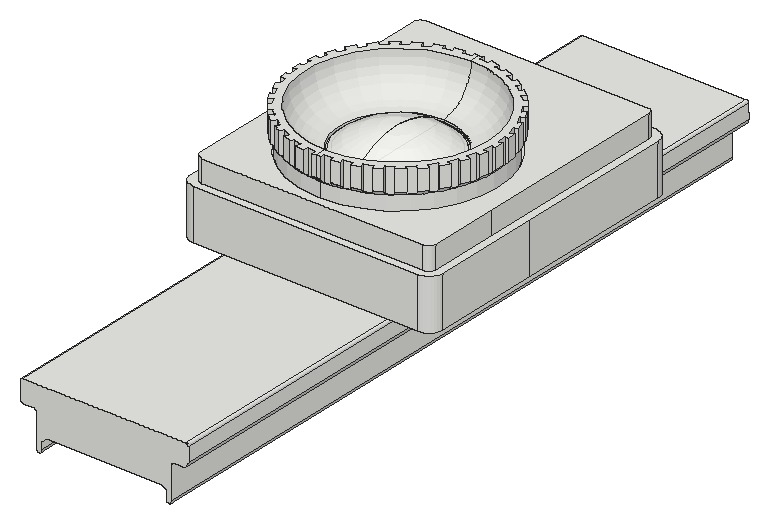
Revit family "Zumtobel TECTON 2 sensors and controls", category Lighting Devices, host Face, Revit 2023
Family settings
  Host = Face
  Round Connector Dimension = Use Diameter
  Part Type = Normal
  Cut with Voids When Loaded = No
  Maintain Annotation Orientation = No
  Shared = Yes
  Room Calculation Point = Yes
Parameters (values of type "basicDIM ILD G2 HC TEC2 WH")
  Visibility NOT HC = not(Visibility HC)  # no
  Visibility LC/MC = or([Is LC/MC Type], and(not(Is HC Type), not(Is Only Bluetooth)))  # no
  Visibility HC = and(not([Is LC/MC Type]), Is HC Type)  # yes
  Visibility B = and(not([Is LC/MC Type]), not(Is HC Type), Is Only Bluetooth)  # no
  Material Bluetooth = Zumtobel-Plastic-RAL 9005-Jet Black
  Is Only Bluetooth = no
  URL = "https://www.zumtobel.com/22172962"
  Type Image = ZS_TE2_F_MSENS_HC_WH.jpg
  Type IFC Predefined Type = "MOVEMENTSENSOR"
  Model = "22172962"
  Material Housing = Zumtobel-Plastic-RAL 9003-Signal White
  Material Body = Zumtobel-Plastic-RAL 9003-Signal White
  Manufacturer = "Zumtobel Lighting"  # constant formula
  Luminaire Width = 60 mm  # constant formula
  Luminaire Length = 250 mm  # constant formula
  Luminaire Height = 90 mm  # constant formula
  Lighting Trunking System Mark [instance] = ""
  Is LC/MC Type = no
  Is HC Type = yes
  Export Type to IFC As = "IfcSensorType"
  Description = "Lighting and occupancy sensors"  # constant formula
  Default Elevation = 0 mm  # constant formula
  Assembly Code = "Pr_75_75_27_23"
Types (9, lengths in mm): name | Visibility NOT HC | Visibility LC/MC | Visibility HC | Visibility B | Material Bluetooth | Is Only Bluetooth | URL | Type Image | Model | Material Housing | Is LC/MC Type | Is HC Type
  (no name) | no | no | yes | no | Zumtobel-Plastic-RAL 9005-Jet Black | no | "https://www.zumtobel.com/22172962" | ZS_TE2_F_MSENS_HC_WH.jpg | "22172962" | Zumtobel-Plastic-RAL 9003-Signal White | no | yes
  DIMLITE pro G2 TEC2 BK | yes | no | no | yes | Zumtobel-Plastic-RAL 9003-Signal White | yes | "https://www.zumtobel.com/22173121" | ZS_TE2_F_BC_Sensor_BK_1.jpg | "22173121" | Zumtobel-Plastic-RAL 9005-Jet Black | no | no
  DIMLITE pro G2 TEC2 WH | yes | no | no | yes | Zumtobel-Plastic-RAL 9005-Jet Black | yes | "https://www.zumtobel.com/22172963" | ZS_TE2_F_BC_Sensor_WH.jpg | "22172963" | Zumtobel-Plastic-RAL 9003-Signal White | no | no
  basicDIM ILD G2 HC TEC2 WH | no | no | yes | no | Zumtobel-Plastic-RAL 9005-Jet Black | no | "https://www.zumtobel.com/22172962" | ZS_TE2_F_MSENS_HC_WH.jpg | "22172962" | Zumtobel-Plastic-RAL 9003-Signal White | no | yes
  basicDIM ILD G2 LC TEC2 WH | yes | yes | no | no | Zumtobel-Plastic-RAL 9005-Jet Black | no | "https://www.zumtobel.com/22172966" | ZS_TEC_F_MSENS_LC_TEC-GP_WH.jpg | "22172966" | Zumtobel-Plastic-RAL 9003-Signal White | yes | no
  basicDIM ILD G2 MC TEC2 WH | yes | yes | no | no | Zumtobel-Plastic-RAL 9005-Jet Black | no | "https://www.zumtobel.com/22172961" | ZS_TEC_F_MSENS_LC_TEC-GP_WH.jpg | "22172961" | Zumtobel-Plastic-RAL 9003-Signal White | yes | no
  basicDIM ILD G2 HC TEC2 BK | no | no | yes | no | Zumtobel-Plastic-RAL 9003-Signal White | no | "https://www.zumtobel.com/22173112" | ZS_TE2_F_MSENS_HC_BK.jpg | "22173112" | Zumtobel-Plastic-RAL 9005-Jet Black | no | yes
  basicDIM ILD G2 LC TEC2 BK | yes | yes | no | no | Zumtobel-Plastic-RAL 9003-Signal White | no | "https://www.zumtobel.com/22173113" | ZS_TEC_F_MSENS_LC_TEC-GP_BK.jpg | "22173113" | Zumtobel-Plastic-RAL 9005-Jet Black | yes | no
  basicDIM ILD G2 MC TEC2 BK | yes | yes | no | no | Zumtobel-Plastic-RAL 9003-Signal White | no | "https://www.zumtobel.com/22173114" | ZS_TE2_F_MSENS_MC_BK_1.jpg | "22173114" | Zumtobel-Plastic-RAL 9005-Jet Black | yes | no
Reference planes
  plane 1 "Center (Front/Back)": y = 0
  plane 2: z = 0
  plane 3 "Center (Left/Right)": x = 0
  plane 4: z = 13.808
  plane 5: y = 125
  plane 6: y = -125
  plane 7: x = -30
  plane 8: x = 30
  plane 9 "Sensor Center": y = 6
Forms (mm)
  Extrusion 1, solid, material "Zumtobel-Plastic-RAL 9003-Signal White" <- "Material Housing"
    sketch origin (0, 0, 0) x (1, 0, 0) y (0, 0, 1)
      loop
        line (-20.587, -2.563) -> (0, -2.563) -> (20.587, -2.563) -> (22.156, -3.86) -> (22.156, -6.678)
        arc (22.156, -6.678) -> (23.178, -7.7) -> (24.2, -6.678) r 1.022
        line (24.2, -6.678) -> (24.2, 5.214)
        arc (24.2, 5.214) -> (24.378, 5.644) -> (24.808, 5.822) r 0.608
        line (24.808, 5.822) -> (28.1, 5.822)
        arc (28.1, 5.822) -> (29.444, 6.378) -> (30, 7.722) r 1.9
        line (30, 7.722) -> (30, 12.808)
        arc (30, 12.808) -> (29.707, 13.515) -> (29, 13.808) r 1
        line (29, 13.808) -> (-29, 13.808)
        arc (-29, 13.808) -> (-29.707, 13.515) -> (-30, 12.808) r 1
        line (-30, 12.808) -> (-30, 7.722)
        arc (-30, 7.722) -> (-29.444, 6.378) -> (-28.1, 5.822) r 1.9
        line (-28.1, 5.822) -> (-24.808, 5.822)
        arc (-24.808, 5.822) -> (-24.378, 5.644) -> (-24.2, 5.214) r 0.608
        line (-24.2, 5.214) -> (-24.2, -6.678)
        arc (-24.2, -6.678) -> (-23.178, -7.7) -> (-22.156, -6.678) r 1.022
        line (-22.156, -6.678) -> (-22.156, -3.86) -> (-20.587, -2.563)
    from -125 to 125
  Extrusion 2, solid, material "Zumtobel-Plastic-RAL 9003-Signal White" <- "Material Body", visible <- "Visibility HC"
    sketch origin (0, 12.25, 0) x (1, 0, 0) y (0, 1, 0)
      loop
        arc (40, -47.25) -> (43.536, -45.786) -> (45, -42.25) r 5
        line (45, -42.25) -> (45, -3.769) -> (45, 53.75)
        arc (45, 53.75) -> (43.536, 57.286) -> (40, 58.75) r 5
        line (40, 58.75) -> (-40, 58.75)
        arc (-40, 58.75) -> (-43.536, 57.286) -> (-45, 53.75) r 5
        line (-45, 53.75) -> (-45, -6.406) -> (-45, -42.25)
        arc (-45, -42.25) -> (-43.536, -45.786) -> (-40, -47.25) r 5
        line (-40, -47.25) -> (40, -47.25)
    from 13.808 to 31.808
  Extrusion 3, solid, material "Zumtobel-Plastic-RAL 9003-Signal White" <- "Material Body", visible <- "Visibility HC"
    sketch origin (0, 12.25, 0) x (1, 0, 0) y (0, 1, 0)
      loop
        line (-42, 53.25) -> (-42, -10.679) -> (-42, -41.75)
        arc (-42, -41.75) -> (-41.268, -43.518) -> (-39.5, -44.25) r 2.5
        line (-39.5, -44.25) -> (39.5, -44.25)
        arc (39.5, -44.25) -> (41.268, -43.518) -> (42, -41.75) r 2.5
        line (42, -41.75) -> (42, -17.113) -> (42, 53.25)
        arc (42, 53.25) -> (41.268, 55.018) -> (39.5, 55.75) r 2.5
        line (39.5, 55.75) -> (-39.5, 55.75)
        arc (-39.5, 55.75) -> (-41.268, 55.018) -> (-42, 53.25) r 2.5
    from 31.808 to 39.8
  Revolve 4, solid, material "Zumtobel-Plastic-RAL 9003-Signal White" <- "Material Body", visible <- "Visibility HC"
    sketch origin (0, 12.25, -4) x (0, 1, 0) y (0, 0, 1)
      loop
        line (-6.25, 41.8) -> (-6.25, 44.31) -> (-26.05, 44.31)
        arc (-26.05, 44.31) -> (-35.356, 48.367) -> (-38.715, 57.947) r 12.7
        line (-38.715, 57.947) -> (-42.573, 57.947) -> (-42.573, 50.592) -> (-40.781, 48.8) -> (-40.781, 41.8) -> (-6.25, 41.8)
      axis (-6.25, 57.947) -> (-6.25, 41.8)
    angle from 0 to 360
  Revolve 5, solid, material "Zumtobel-Plastic-Translucent-White", visible <- "Visibility HC"
    sketch origin (0, 12.25, 0) x (0, 1, 0) y (0, 0, 1)
      loop
        arc (-6.25, 47.701) -> (-16.871, 45.512) -> (-26.09, 39.8) r 31.014
        line (-26.09, 39.8) -> (-6.25, 39.8) -> (-6.25, 47.701)
      axis (-6.25, 47.701) -> (-6.25, 39.8)
    angle from 0 to 360
  Revolve 6, void
    sketch origin (0, 12.25, 0) x (0, 1, 0) y (0, 0, 1)
      loop
        line (-26.722, 42.012) -> (-26.722, 39.578) -> (-23.873, 39.578) -> (-26.722, 42.012)
      axis (-6.25, 42.012) -> (-6.25, 39.578)
    angle from 0 to 360
  Extrusion 7, void
    sketch origin (0, 12.25, 0) x (1, 0, 0) y (0, 1, 0)
      loop
        line (1.519, 28.54) -> (1.672, 32.037)
        arc (1.672, 32.037) -> (0.836, 32.064) -> (0, 32.073) r 38.323
        arc (0, 32.073) -> (-0.836, 32.064) -> (-1.672, 32.037) r 38.323
        line (-1.672, 32.037) -> (-1.519, 28.54)
        arc (-1.519, 28.54) -> (-3.035, 28.441) -> (-4.545, 28.275) r 34.823
        line (-4.545, 28.275) -> (-5.002, 31.745)
        arc (-5.002, 31.745) -> (-6.655, 31.491) -> (-8.295, 31.165) r 38.323
        line (-8.295, 31.165) -> (-7.537, 27.748)
        arc (-7.537, 27.748) -> (-9.013, 27.387) -> (-10.472, 26.961) r 34.823
        line (-10.472, 26.961) -> (-11.524, 30.299)
        arc (-11.524, 30.299) -> (-13.107, 29.762) -> (-14.666, 29.156) r 38.323
        line (-14.666, 29.156) -> (-13.326, 25.922)
        arc (-13.326, 25.922) -> (-14.717, 25.31) -> (-16.08, 24.638) r 34.823
        line (-16.08, 24.638) -> (-17.696, 27.743)
        arc (-17.696, 27.743) -> (-19.162, 26.939) -> (-20.591, 26.071) r 38.323
        line (-20.591, 26.071) -> (-18.71, 23.119)
        arc (-18.71, 23.119) -> (-19.974, 22.275) -> (-21.199, 21.377) r 34.823
        line (-21.199, 21.377) -> (-23.33, 24.154)
        arc (-23.33, 24.154) -> (-24.634, 23.107) -> (-25.891, 22.005) r 38.323
        line (-25.891, 22.005) -> (-23.526, 19.424)
        arc (-23.526, 19.424) -> (-24.624, 18.374) -> (-25.674, 17.276) r 34.823
        line (-25.674, 17.276) -> (-28.255, 19.641)
        arc (-28.255, 19.641) -> (-29.357, 18.384) -> (-30.404, 17.08) r 38.323
        line (-30.404, 17.08) -> (-27.627, 14.949)
        arc (-27.627, 14.949) -> (-28.525, 13.724) -> (-29.369, 12.46) r 34.823
        line (-29.369, 12.46) -> (-32.321, 14.341)
        arc (-32.321, 14.341) -> (-33.189, 12.912) -> (-33.993, 11.446) r 38.323
        line (-33.993, 11.446) -> (-30.888, 9.83)
        arc (-30.888, 9.83) -> (-31.56, 8.467) -> (-32.172, 7.076) r 34.823
        line (-32.172, 7.076) -> (-35.406, 8.416)
        arc (-35.406, 8.416) -> (-36.012, 6.857) -> (-36.549, 5.274) r 38.323
        line (-36.549, 5.274) -> (-33.211, 4.222)
        arc (-33.211, 4.222) -> (-33.637, 2.763) -> (-33.998, 1.287) r 34.823
        line (-33.998, 1.287) -> (-37.415, 2.045)
        arc (-37.415, 2.045) -> (-37.741, 0.405) -> (-37.995, -1.248) r 38.323
        line (-37.995, -1.248) -> (-34.525, -1.705)
        arc (-34.525, -1.705) -> (-34.691, -3.215) -> (-34.79, -4.731) r 34.823
        line (-34.79, -4.731) -> (-38.287, -4.578)
        arc (-38.287, -4.578) -> (-38.314, -5.414) -> (-38.323, -6.25) r 38.323
        arc (-38.323, -6.25) -> (-38.314, -7.086) -> (-38.287, -7.922) r 38.323
        line (-38.287, -7.922) -> (-34.79, -7.769)
        arc (-34.79, -7.769) -> (-34.691, -9.285) -> (-34.525, -10.795) r 34.823
        line (-34.525, -10.795) -> (-37.995, -11.252)
        arc (-37.995, -11.252) -> (-37.741, -12.905) -> (-37.415, -14.545) r 38.323
        line (-37.415, -14.545) -> (-33.998, -13.787)
        arc (-33.998, -13.787) -> (-33.637, -15.263) -> (-33.211, -16.722) r 34.823
        line (-33.211, -16.722) -> (-36.549, -17.774)
        arc (-36.549, -17.774) -> (-36.012, -19.357) -> (-35.406, -20.916) r 38.323
        line (-35.406, -20.916) -> (-32.172, -19.576)
        arc (-32.172, -19.576) -> (-31.56, -20.967) -> (-30.888, -22.33) r 34.823
        line (-30.888, -22.33) -> (-33.993, -23.946)
        arc (-33.993, -23.946) -> (-33.189, -25.412) -> (-32.321, -26.841) r 38.323
        line (-32.321, -26.841) -> (-29.369, -24.96)
        arc (-29.369, -24.96) -> (-28.525, -26.224) -> (-27.627, -27.449) r 34.823
        line (-27.627, -27.449) -> (-30.404, -29.58)
        arc (-30.404, -29.58) -> (-29.357, -30.884) -> (-28.255, -32.141) r 38.323
        line (-28.255, -32.141) -> (-25.674, -29.776)
        arc (-25.674, -29.776) -> (-24.624, -30.874) -> (-23.526, -31.924) r 34.823
        line (-23.526, -31.924) -> (-25.891, -34.505)
        arc (-25.891, -34.505) -> (-24.634, -35.607) -> (-23.33, -36.654) r 38.323
        line (-23.33, -36.654) -> (-21.199, -33.877)
        arc (-21.199, -33.877) -> (-19.974, -34.775) -> (-18.71, -35.619) r 34.823
        line (-18.71, -35.619) -> (-20.591, -38.571)
        arc (-20.591, -38.571) -> (-19.162, -39.439) -> (-17.696, -40.243) r 38.323
        line (-17.696, -40.243) -> (-16.08, -37.138)
        arc (-16.08, -37.138) -> (-14.717, -37.81) -> (-13.326, -38.422) r 34.823
        line (-13.326, -38.422) -> (-14.666, -41.656)
        arc (-14.666, -41.656) -> (-13.107, -42.262) -> (-11.524, -42.799) r 38.323
        line (-11.524, -42.799) -> (-10.472, -39.461)
        arc (-10.472, -39.461) -> (-9.013, -39.887) -> (-7.537, -40.248) r 34.823
        line (-7.537, -40.248) -> (-8.295, -43.665)
        arc (-8.295, -43.665) -> (-6.655, -43.991) -> (-5.002, -44.245) r 38.323
        line (-5.002, -44.245) -> (-4.545, -40.775)
        arc (-4.545, -40.775) -> (-3.035, -40.941) -> (-1.519, -41.04) r 34.823
        line (-1.519, -41.04) -> (-1.672, -44.537)
        arc (-1.672, -44.537) -> (-0.836, -44.564) -> (0, -44.573) r 38.323
        arc (0, -44.573) -> (0.836, -44.564) -> (1.672, -44.537) r 38.323
        line (1.672, -44.537) -> (1.519, -41.04)
        arc (1.519, -41.04) -> (3.035, -40.941) -> (4.545, -40.775) r 34.823
        line (4.545, -40.775) -> (5.002, -44.245)
        arc (5.002, -44.245) -> (6.655, -43.991) -> (8.295, -43.665) r 38.323
        line (8.295, -43.665) -> (7.537, -40.248)
        arc (7.537, -40.248) -> (9.013, -39.887) -> (10.472, -39.461) r 34.823
        line (10.472, -39.461) -> (11.524, -42.799)
        arc (11.524, -42.799) -> (13.107, -42.262) -> (14.666, -41.656) r 38.323
        line (14.666, -41.656) -> (13.326, -38.422)
        arc (13.326, -38.422) -> (14.717, -37.81) -> (16.08, -37.138) r 34.823
        line (16.08, -37.138) -> (17.696, -40.243)
        arc (17.696, -40.243) -> (19.162, -39.439) -> (20.591, -38.571) r 38.323
        line (20.591, -38.571) -> (18.71, -35.619)
        arc (18.71, -35.619) -> (19.974, -34.775) -> (21.199, -33.877) r 34.823
        line (21.199, -33.877) -> (23.33, -36.654)
        arc (23.33, -36.654) -> (24.634, -35.607) -> (25.891, -34.505) r 38.323
        line (25.891, -34.505) -> (23.526, -31.924)
        arc (23.526, -31.924) -> (24.624, -30.874) -> (25.674, -29.776) r 34.823
        line (25.674, -29.776) -> (28.255, -32.141)
        arc (28.255, -32.141) -> (29.357, -30.884) -> (30.404, -29.58) r 38.323
        line (30.404, -29.58) -> (27.627, -27.449)
        arc (27.627, -27.449) -> (28.525, -26.224) -> (29.369, -24.96) r 34.823
        line (29.369, -24.96) -> (32.321, -26.841)
        arc (32.321, -26.841) -> (33.189, -25.412) -> (33.993, -23.946) r 38.323
        line (33.993, -23.946) -> (30.888, -22.33)
        arc (30.888, -22.33) -> (31.56, -20.967) -> (32.172, -19.576) r 34.823
        line (32.172, -19.576) -> (35.406, -20.916)
        arc (35.406, -20.916) -> (36.012, -19.357) -> (36.549, -17.774) r 38.323
        line (36.549, -17.774) -> (33.211, -16.722)
        arc (33.211, -16.722) -> (33.637, -15.263) -> (33.998, -13.787) r 34.823
        line (33.998, -13.787) -> (37.415, -14.545)
        arc (37.415, -14.545) -> (37.741, -12.905) -> (37.995, -11.252) r 38.323
        line (37.995, -11.252) -> (34.525, -10.795)
        arc (34.525, -10.795) -> (34.691, -9.285) -> (34.79, -7.769) r 34.823
        line (34.79, -7.769) -> (38.287, -7.922)
        arc (38.287, -7.922) -> (38.314, -7.086) -> (38.323, -6.25) r 38.323
        arc (38.323, -6.25) -> (38.314, -5.414) -> (38.287, -4.578) r 38.323
        line (38.287, -4.578) -> (34.79, -4.731)
        arc (34.79, -4.731) -> (34.691, -3.215) -> (34.525, -1.705) r 34.823
        line (34.525, -1.705) -> (37.995, -1.248)
        arc (37.995, -1.248) -> (37.741, 0.405) -> (37.415, 2.045) r 38.323
        line (37.415, 2.045) -> (33.998, 1.287)
        arc (33.998, 1.287) -> (33.637, 2.763) -> (33.211, 4.222) r 34.823
        line (33.211, 4.222) -> (36.549, 5.274)
        arc (36.549, 5.274) -> (36.012, 6.857) -> (35.406, 8.416) r 38.323
        line (35.406, 8.416) -> (32.172, 7.076)
        arc (32.172, 7.076) -> (31.56, 8.467) -> (30.888, 9.83) r 34.823
        line (30.888, 9.83) -> (33.993, 11.446)
        arc (33.993, 11.446) -> (33.189, 12.912) -> (32.321, 14.341) r 38.323
        line (32.321, 14.341) -> (29.369, 12.46)
        arc (29.369, 12.46) -> (28.525, 13.724) -> (27.627, 14.949) r 34.823
        line (27.627, 14.949) -> (30.404, 17.08)
        arc (30.404, 17.08) -> (29.357, 18.384) -> (28.255, 19.641) r 38.323
        line (28.255, 19.641) -> (25.674, 17.276)
        arc (25.674, 17.276) -> (24.624, 18.374) -> (23.526, 19.424) r 34.823
        line (23.526, 19.424) -> (25.891, 22.005)
        arc (25.891, 22.005) -> (24.634, 23.107) -> (23.33, 24.154) r 38.323
        line (23.33, 24.154) -> (21.199, 21.377)
        arc (21.199, 21.377) -> (19.974, 22.275) -> (18.71, 23.119) r 34.823
        line (18.71, 23.119) -> (20.591, 26.071)
        arc (20.591, 26.071) -> (19.162, 26.939) -> (17.696, 27.743) r 38.323
        line (17.696, 27.743) -> (16.08, 24.638)
        arc (16.08, 24.638) -> (14.717, 25.31) -> (13.326, 25.922) r 34.823
        line (13.326, 25.922) -> (14.666, 29.156)
        arc (14.666, 29.156) -> (13.107, 29.762) -> (11.524, 30.299) r 38.323
        line (11.524, 30.299) -> (10.472, 26.961)
        arc (10.472, 26.961) -> (9.013, 27.387) -> (7.537, 27.748) r 34.823
        line (7.537, 27.748) -> (8.295, 31.165)
        arc (8.295, 31.165) -> (6.655, 31.491) -> (5.002, 31.745) r 38.323
        line (5.002, 31.745) -> (4.545, 28.275)
        arc (4.545, 28.275) -> (3.035, 28.441) -> (1.519, 28.54) r 34.823
      loop
        arc (-1.637, 36.184) -> (-42.459, -7.002) -> (-0.132, -48.715) r 42.465
        arc (-0.132, -48.715) -> (29.981, -36.324) -> (42.465, -6.25) r 42.465
        arc (42.465, -6.25) -> (29.443, 24.351) -> (-1.637, 36.184) r 42.465
    from 44.8 to 56.041
  Revolve 8, void
    sketch origin (0, 0, 0) x (0, 1, 0) y (0, 0, 1)
      loop
        line (-29.25, 37.8) -> (6.25, 37.8) -> (6.25, 40.943) -> (-29.25, 40.943) -> (-29.25, 37.8)
      axis (6.25, 37.8) -> (6.25, 40.943)
    angle from 0 to 360
  Extrusion 9, solid, material "Zumtobel-Plastic-RAL 9005-Jet Black" <- "Material Bluetooth", visible <- "Visibility B"
    sketch origin (0, -100, 0) x (1, 0, 0) y (0, 1, 0)
      loop
        spline (-15, 0) -> (-14.75, -2.419) -> (-14.29, -4.364) -> (-13.634, -5.905) -> (-12.796, -7.117) -> (-11.788, -8.072) -> (-10.625, -8.842) -> (-9.316, -9.491) -> (-7.85, -10.033) -> (-6.205, -10.463) -> (-4.362, -10.776) -> (-2.3, -10.968) -> (0, -11.033)
        spline (0, -11.033) -> (2.3, -10.968) -> (4.362, -10.776) -> (6.205, -10.463) -> (7.85, -10.033) -> (9.316, -9.491) -> (10.625, -8.842) -> (11.788, -8.072) -> (12.796, -7.117) -> (13.634, -5.905) -> (14.29, -4.364) -> (14.75, -2.419) -> (15, 0)
        spline (15, 0) -> (14.75, 2.419) -> (14.29, 4.364) -> (13.634, 5.905) -> (12.796, 7.117) -> (11.788, 8.072) -> (10.625, 8.842) -> (9.316, 9.491) -> (7.85, 10.033) -> (6.205, 10.463) -> (4.362, 10.776) -> (2.3, 10.968) -> (0, 11.033)
        spline (0, 11.033) -> (-2.3, 10.968) -> (-4.362, 10.776) -> (-6.205, 10.463) -> (-7.85, 10.033) -> (-9.316, 9.491) -> (-10.625, 8.842) -> (-11.788, 8.072) -> (-12.796, 7.117) -> (-13.634, 5.905) -> (-14.29, 4.364) -> (-14.75, 2.419) -> (-15, 0)
      loop
        line (0, -1.694) -> (5.115, -6.81) -> (12.946, 1.021) -> (2.715, 1.021) -> (6.929, 5.235) -> (5.347, 6.817) -> (0, 1.47) -> (-5.347, 6.817) -> (-6.929, 5.235) -> (-2.715, 1.021) -> (-12.946, 1.021) -> (-5.115, -6.81) -> (0, -1.694)
      loop
        line (-7.504, -1.213) -> (-5.093, -3.623) -> (-2.683, -1.213) -> (-7.504, -1.213)
      loop
        line (7.504, -1.213) -> (2.683, -1.213) -> (5.093, -3.623) -> (7.504, -1.213)
    from 14 to 13
  Revolve 10, solid, material "Zumtobel-Plastic-Translucent-White", visible <- "Visibility LC/MC"
    sketch origin (0, 0, 0) x (0, -1, 0) y (0, 0, -1)
      loop
        arc (-109.569, -14.593) -> (-105.496, -18.555) -> (-100, -20) r 11.171
        line (-100, -20) -> (-100, -14.593) -> (-109.569, -14.593)
      axis (-100, -14.593) -> (-100, -20)
    angle from 0 to 360
  Revolve 11, solid, material "Zumtobel-Plastic-RAL 9003-Signal White" <- "Material Housing", visible <- "Visibility LC/MC"
    sketch origin (0, 0, 0) x (0, -1, 0) y (0, 0, -1)
      loop
        arc (-116, -13.808) -> (-113.151, -17.104) -> (-109.579, -19.6) r 17.614
        line (-109.579, -19.6) -> (-107.762, -19.6)
        arc (-107.762, -19.6) -> (-110.552, -17.43) -> (-112.66, -14.593) r 13.093
        line (-112.66, -14.593) -> (-100, -14.593) -> (-100, -13.808) -> (-116, -13.808)
      axis (-100, -13.808) -> (-100, -19.6)
    angle from 0 to 360
Cuts and joins
  Revolve 6, Extrusion 7 cuts Revolve 4
  Revolve 8 cuts Extrusion 3
Lines and regions (mm)
  Filled region 1, type "White", visible <- "Visibility HC"
    outline origin (0, 0, 0) x (1, 0, 0) y (0, 1, 0)
      loop
        line (-30, 125) -> (-30, 71) -> (30, 71) -> (30, 125) -> (-30, 125)
      loop
        line (-30, -125) -> (30, -125) -> (30, -35) -> (-30, -35) -> (-30, -125)
  Masking region 1, visible <- "Visibility HC"
    outline origin (200, 0, 0) x (1, 0, 0) y (0, 1, 0)
      loop
        line (-245, 66) -> (-245, 5.844) -> (-245, -30)
        arc (-245, -30) -> (-243.536, -33.536) -> (-240, -35) r 5
        line (-240, -35) -> (-160, -35)
        arc (-160, -35) -> (-156.464, -33.536) -> (-155, -30) r 5
        line (-155, -30) -> (-155, 8.481) -> (-155, 66)
        arc (-155, 66) -> (-156.464, 69.536) -> (-160, 71) r 5
        line (-160, 71) -> (-240, 71)
        arc (-240, 71) -> (-243.536, 69.536) -> (-245, 66) r 5
  Filled region 2, type "White", visible <- "Visibility NOT HC"
    outline origin (0, 0, 0) x (1, 0, 0) y (0, 1, 0)
      loop
        line (-30, 125) -> (-30, -2.487) -> (-30, -125) -> (30, -125) -> (30, 8.485) -> (30, 125) -> (-30, 125)
  model lines, style "InvisibleLines"
    curve 1: line (-250, 125, 0) -> (250, 125, 0)
    curve 2: line (-250, -125, 0) -> (250, -125, 0)
    curve 3: line (0, 0, 0) -> (0, -300, 0)
    curve 4: line (0, -300, 0) -> (34.202, -206.031, 0)
    curve 5: line (0, -300, 0) -> (-34.202, -206.031, 0)
  model lines
    curve 6: line (-24.2, -125, 0) -> (24.2, -125, 0)
    curve 7: line (-24.2, 125, 0) -> (24.2, 125, 0)
  symbolic lines, visible <- "Visibility B"
    curve 8: line (15, -100, 0) -> (0, -88.967, 0)
    curve 9: line (0, -88.967, 0) -> (-15, -100, 0)
    curve 10: line (-15, -100, 0) -> (0, -111.033, 0)
    curve 11: line (0, -111.033, 0) -> (15, -100, 0)
  symbolic lines, visible <- "Visibility LC/MC"
    curve 12: arc (0, 116, 0) -> (16, 100, 0) -> (0, 84, 0) r 16
    curve 13: arc (0, 84, 0) -> (-16, 100, 0) -> (0, 116, 0) r 16
    curve 14: arc (0, 92.238, 0) -> (-7.762, 100, 0) -> (0, 107.762, 0) r 7.762
    curve 15: arc (0, 107.762, 0) -> (7.762, 100, 0) -> (0, 92.238, 0) r 7.762
  symbolic lines, visible <- "Visibility HC"
    curve 16: arc (0, -30.323, 0) -> (36.323, 6, 0) -> (0, 42.323, 0) r 36.323
    curve 17: arc (0, 42.323, 0) -> (-36.323, 6, 0) -> (0, -30.323, 0) r 36.323
    curve 18: arc (0, -14.472, 0) -> (-20.472, 6, 0) -> (0, 26.472, 0) r 20.472
    curve 19: arc (0, 26.472, 0) -> (20.472, 6, 0) -> (0, -14.472, 0) r 20.472
Dimensions and locks
  locked: plane 4 to host face at 13.808
  equal spacing: plane 6, plane 1 "Center (Front/Back)", plane 5
  "Luminaire Length": plane 6 to plane 5
  equal spacing: plane 7, plane 3 "Center (Left/Right)", plane 8
  plane 7 to plane 8 = 60 mm
  plane 5 to plane 6 = 250 mm
  aligned and locked: plane 2 to host face
  aligned and locked: level to host face
  aligned and locked: plane 6 to curve 2
  aligned and locked: curve 1 to plane 5
  aligned and locked: Revolve 10 sketch curve to Revolve 11
Automatic sketch dimensions
  host sketch curve to host sketch curve = 2438.4 mm  (x2)
  curve 1 to plane 7 = 220 mm
  curve 2 to plane 7 = 220 mm
  curve 2 to plane 8 = 220 mm
  curve 1 to plane 8 = 220 mm
  plane 1 "Center (Front/Back)" to curve 3 = 0 mm
  curve 3 to plane 3 "Center (Left/Right)" = 0 mm
  plane 6 to curve 3 = 175 mm
  curve 5 to plane 7 = 4.202 mm
  curve 4 to plane 8 = 4.202 mm
  plane 6 to curve 5 = 81.031 mm
  curve 5 to curve 4 = 0 mm
  curve 6 to level = 0 mm
  curve 6 to plane 8 = 5.8 mm
  curve 6 to plane 7 = 5.8 mm
  curve 7 to level = 0 mm
  plane 8 to curve 7 = 5.8 mm
  plane 7 to curve 7 = 5.8 mm
  Extrusion 1 sketch curve to plane 7 = 0 mm
  Extrusion 1 sketch curve to plane 4 = 0 mm
  Extrusion 1 sketch curve to plane 3 "Center (Left/Right)" = 0 mm
  plane 8 to Extrusion 1 sketch curve = 0 mm
  Extrusion 1 sketch curve to Extrusion 1 sketch curve = 1 mm  (x2)
  Extrusion 1 sketch curve to Extrusion 1 sketch curve = 1.9 mm  (x2)
  Extrusion 1 sketch curve to Extrusion 1 sketch curve = 3.292 mm
  Extrusion 1 sketch curve to Extrusion 1 sketch curve = 0.608 mm  (x2)
  Extrusion 1 sketch curve to Extrusion 1 sketch curve = 1.022 mm  (x2)
  Extrusion 1 sketch curve to Extrusion 1 sketch curve = 1.569 mm  (x2)
  Extrusion 1 sketch curve to level = 2.563 mm
  plane 8 to Extrusion 1 sketch curve = 9.413 mm
  Extrusion 1 sketch curve to Extrusion 1 sketch curve = 1.297 mm  (x2)
  Extrusion 1 sketch curve to Extrusion 1 sketch curve = 2.819 mm  (x2)
  Extrusion 1 sketch curve to Extrusion 1 sketch curve = 0 mm
  level to Extrusion 1 sketch curve = 5.214 mm  (x2)
  Extrusion 2 sketch curve to plane 7 = 15 mm
  Extrusion 2 sketch curve to Extrusion 2 sketch curve = 5 mm  (x2)
  Extrusion 2 sketch curve to plane 8 = 10 mm  (x2)
  Extrusion 2 sketch curve to plane 8 = 15 mm
  plane 1 "Center (Front/Back)" to Extrusion 2 sketch curve = 30 mm
  Extrusion 2 sketch curve to Extrusion 2 sketch curve = 57.519 mm
  Extrusion 3 sketch curve to plane 7 = 12 mm
  Extrusion 3 sketch curve to Extrusion 3 sketch curve = 2.5 mm  (x2)
  Extrusion 3 sketch curve to plane 8 = 9.5 mm  (x2)
  plane 1 "Center (Front/Back)" to Extrusion 3 sketch curve = 4.863 mm
  Extrusion 3 sketch curve to plane 8 = 12 mm
  Extrusion 3 sketch curve to Extrusion 3 sketch curve = 24.637 mm
  Extrusion 3 sketch curve to plane 1 "Center (Front/Back)" = 1.571 mm
  Revolve 4 sketch curve to plane 9 "Sensor Center" = 0 mm  (x2)
  plane 1 "Center (Front/Back)" to Revolve 4 sketch curve = 13.8 mm
  Revolve 4 sketch curve to Revolve 4 sketch curve = 12.665 mm
  Revolve 4 sketch curve to Revolve 4 sketch curve = 14.731 mm
  Revolve 4 sketch curve to Revolve 4 sketch curve = 3.858 mm
  Revolve 4 sketch curve to plane 4 = 23.992 mm
  Revolve 4 sketch curve to Revolve 4 sketch curve = 2.51 mm
  Revolve 4 sketch curve to Revolve 4 sketch curve = 7 mm
  Revolve 4 sketch curve to Revolve 4 sketch curve = 1.792 mm
  Revolve 4 sketch curve to Revolve 4 sketch curve = 12.7 mm
  Revolve 4 sketch curve to plane 4 = 1.048 mm
  Revolve 4 sketch curve to Revolve 4 sketch curve = 30.021 mm
  plane 1 "Center (Front/Back)" to Revolve 5 sketch curve = 13.84 mm
  Revolve 5 sketch curve to plane 4 = 2.891 mm
  Revolve 5 sketch curve to plane 4 = 25.992 mm
  Revolve 5 sketch curve to Revolve 5 sketch curve = 0 mm  (x2)
  Revolve 5 sketch curve to Revolve 5 sketch curve = 0.522 mm
  plane 1 "Center (Front/Back)" to Revolve 6 sketch curve = 14.472 mm
  Revolve 6 sketch curve to Revolve 6 sketch curve = 2.849 mm
  Revolve 6 sketch curve to plane 4 = 25.77 mm
  Revolve 6 sketch curve to Revolve 6 sketch curve = 2.434 mm
  Revolve 6 sketch curve to Revolve 6 sketch curve = 1.388 mm
  Revolve 6 sketch curve to Revolve 6 sketch curve = 6.071 mm
  Extrusion 7 sketch curve to Extrusion 7 sketch curve = 0 mm  (x3233)
  Extrusion 7 sketch curve to plane 3 "Center (Left/Right)" = 0 mm
  Extrusion 7 sketch curve to plane 3 "Center (Left/Right)" = 1.519 mm  (x2)
  Extrusion 7 sketch curve to plane 3 "Center (Left/Right)" = 1.672 mm  (x2)
  Extrusion 7 sketch curve to Extrusion 7 sketch curve = 3.026 mm  (x4)
  Extrusion 7 sketch curve to Extrusion 7 sketch curve = 3.331 mm  (x6)
  Extrusion 7 sketch curve to Extrusion 7 sketch curve = 2.992 mm  (x6)
  Extrusion 7 sketch curve to Extrusion 7 sketch curve = 3.292 mm  (x4)
  Extrusion 7 sketch curve to Extrusion 7 sketch curve = 2.934 mm  (x4)
  Extrusion 7 sketch curve to Extrusion 7 sketch curve = 3.229 mm  (x8)
  Extrusion 7 sketch curve to Extrusion 7 sketch curve = 2.855 mm  (x8)
  Extrusion 7 sketch curve to Extrusion 7 sketch curve = 3.142 mm  (x4)
  Extrusion 7 sketch curve to Extrusion 7 sketch curve = 2.753 mm  (x4)
  Extrusion 7 sketch curve to Extrusion 7 sketch curve = 3.03 mm  (x8)
  Extrusion 7 sketch curve to Extrusion 7 sketch curve = 2.631 mm  (x8)
  Extrusion 7 sketch curve to Extrusion 7 sketch curve = 2.895 mm  (x4)
  Extrusion 7 sketch curve to Extrusion 7 sketch curve = 2.489 mm  (x4)
  Extrusion 7 sketch curve to Extrusion 7 sketch curve = 2.739 mm  (x8)
  Extrusion 7 sketch curve to Extrusion 7 sketch curve = 2.327 mm  (x8)
  Extrusion 7 sketch curve to Extrusion 7 sketch curve = 2.148 mm  (x4)
  Extrusion 7 sketch curve to Extrusion 7 sketch curve = 2.561 mm  (x4)
  plane 7 to Extrusion 7 sketch curve = 2.373 mm  (x2)
  plane 7 to Extrusion 7 sketch curve = 1.745 mm  (x2)
  plane 7 to Extrusion 7 sketch curve = 0.631 mm  (x2)
  Extrusion 7 sketch curve to plane 7 = 0.404 mm  (x2)
  Extrusion 7 sketch curve to plane 7 = 0.888 mm  (x2)
  Extrusion 7 sketch curve to plane 7 = 2.172 mm  (x2)
  Extrusion 7 sketch curve to plane 7 = 2.321 mm  (x2)
  Extrusion 7 sketch curve to Extrusion 7 sketch curve = 1.039 mm  (x8)
  Extrusion 7 sketch curve to Extrusion 7 sketch curve = 1.672 mm  (x4)
  Extrusion 7 sketch curve to Extrusion 7 sketch curve = 0.786 mm  (x4)
  plane 1 "Center (Front/Back)" to Extrusion 7 sketch curve = 1.537 mm  (x2)
  Extrusion 7 sketch curve to plane 1 "Center (Front/Back)" = 1.455 mm  (x2)
  Extrusion 7 sketch curve to Extrusion 7 sketch curve = 0.528 mm  (x8)
  Extrusion 7 sketch curve to Extrusion 7 sketch curve = 0.265 mm  (x2)
  Extrusion 7 sketch curve to Extrusion 7 sketch curve = 1.413 mm  (x8)
  Extrusion 7 sketch curve to Extrusion 7 sketch curve = 1.143 mm  (x4)
  plane 1 "Center (Front/Back)" to Extrusion 7 sketch curve = 2.295 mm  (x2)
  Extrusion 7 sketch curve to Extrusion 7 sketch curve = 0.865 mm  (x8)
  Extrusion 7 sketch curve to plane 1 "Center (Front/Back)" = 0.998 mm  (x2)
  Extrusion 7 sketch curve to Extrusion 7 sketch curve = 0.581 mm  (x2)
  Extrusion 7 sketch curve to Extrusion 7 sketch curve = 0.291 mm  (x4)
  plane 3 "Center (Left/Right)" to Extrusion 7 sketch curve = 1.519 mm  (x2)
  plane 3 "Center (Left/Right)" to Extrusion 7 sketch curve = 1.672 mm  (x2)
  plane 8 to Extrusion 7 sketch curve = 2.373 mm  (x2)
  plane 8 to Extrusion 7 sketch curve = 1.745 mm  (x2)
  plane 8 to Extrusion 7 sketch curve = 0.631 mm  (x2)
  Extrusion 7 sketch curve to plane 8 = 0.404 mm  (x2)
  Extrusion 7 sketch curve to plane 8 = 0.888 mm  (x2)
  Extrusion 7 sketch curve to plane 8 = 2.172 mm  (x2)
  Extrusion 7 sketch curve to plane 8 = 2.321 mm  (x2)
  Extrusion 7 sketch curve to Extrusion 7 sketch curve = 1.953 mm  (x4)
  Extrusion 7 sketch curve to Extrusion 7 sketch curve = 2.364 mm  (x4)
  Extrusion 7 sketch curve to Extrusion 7 sketch curve = 1.519 mm  (x4)
  Extrusion 7 sketch curve to Extrusion 7 sketch curve = 1.918 mm  (x4)
  Extrusion 7 sketch curve to plane 3 "Center (Left/Right)" = 0.132 mm
  Extrusion 7 sketch curve to plane 3 "Center (Left/Right)" = 1.637 mm
  Extrusion 7 sketch curve to Extrusion 7 sketch curve = 4.142 mm
  Revolve 8 sketch curve to plane 4 = 23.992 mm
  plane 1 "Center (Front/Back)" to Revolve 8 sketch curve = 29.25 mm
  Revolve 8 sketch curve to Revolve 8 sketch curve = 3.143 mm
  Extrusion 9 sketch curve to plane 3 "Center (Left/Right)" = 0 mm  (x4)
  Extrusion 9 sketch curve to plane 3 "Center (Left/Right)" = 2.683 mm
  Extrusion 9 sketch curve to Extrusion 9 sketch curve = 0.032 mm  (x2)
  Extrusion 9 sketch curve to Extrusion 9 sketch curve = 2.41 mm  (x4)
  Extrusion 9 sketch curve to Extrusion 9 sketch curve = 0.022 mm  (x2)
  Extrusion 9 sketch curve to plane 3 "Center (Left/Right)" = 5.347 mm
  Extrusion 9 sketch curve to Extrusion 9 sketch curve = 1.582 mm  (x2)
  Extrusion 9 sketch curve to Extrusion 9 sketch curve = 5.443 mm  (x2)
  Extrusion 9 sketch curve to Extrusion 9 sketch curve = 2.054 mm  (x2)
  plane 3 "Center (Left/Right)" to Extrusion 9 sketch curve = 2.683 mm
  plane 3 "Center (Left/Right)" to Extrusion 9 sketch curve = 5.347 mm
  Extrusion 9 sketch curve to plane 6 = 13.967 mm
  Extrusion 9 sketch curve to Extrusion 9 sketch curve = 4.223 mm  (x2)
  Extrusion 9 sketch curve to Extrusion 9 sketch curve = 3.186 mm  (x2)
  Extrusion 9 sketch curve to Extrusion 9 sketch curve = 1.021 mm  (x2)
  Extrusion 9 sketch curve to Extrusion 9 sketch curve = 4.216 mm
  Revolve 10 sketch curve to plane 5 = 15.431 mm
  Revolve 10 sketch curve to Revolve 10 sketch curve = 9.569 mm
  Revolve 10 sketch curve to Revolve 10 sketch curve = 5.407 mm
  Revolve 10 sketch curve to Revolve 10 sketch curve = 0 mm
  Revolve 10 sketch curve to Revolve 10 sketch curve = 13.808 mm
  Revolve 10 sketch curve to level = 2.563 mm
  plane 4 to Revolve 11 sketch curve = 0 mm  (x2)
  Revolve 11 sketch curve to plane 5 = 9 mm
  Revolve 11 sketch curve to plane 4 = 0.785 mm
  Revolve 11 sketch curve to Revolve 11 sketch curve = 3.34 mm
  Revolve 11 sketch curve to Revolve 11 sketch curve = 3.08 mm
  Revolve 11 sketch curve to Revolve 11 sketch curve = 1.818 mm
  level to Revolve 11 sketch curve = 4.025 mm
  Revolve 11 sketch curve to Revolve 11 sketch curve = 11.308 mm
  Revolve 11 sketch curve to Revolve 11 sketch curve = 0.16 mm
  Revolve 11 sketch curve to Revolve 11 sketch curve = 1.192 mm
  Revolve 11 sketch curve to Revolve 11 sketch curve = 7.762 mm
  Revolve 11 sketch curve to Revolve 11 sketch curve = 10.375 mm
  Filled region 1 sketch curve to plane 5 = 0 mm
  Filled region 1 sketch curve to plane 7 = 0 mm  (x2)
  plane 6 to Filled region 1 sketch curve = 0 mm
  Filled region 1 sketch curve to plane 8 = 0 mm  (x2)
  plane 1 "Center (Front/Back)" to Filled region 1 sketch curve = 35 mm
  Filled region 1 sketch curve to plane 5 = 54 mm
  Masking region 1 sketch curve to plane 7 = 15 mm
  Masking region 1 sketch curve to Masking region 1 sketch curve = 5 mm  (x2)
  Masking region 1 sketch curve to plane 8 = 10 mm  (x2)
  Masking region 1 sketch curve to plane 8 = 15 mm
  plane 1 "Center (Front/Back)" to Masking region 1 sketch curve = 30 mm
  Masking region 1 sketch curve to Masking region 1 sketch curve = 57.519 mm
  Filled region 2 sketch curve to plane 5 = 0 mm
  Filled region 2 sketch curve to plane 7 = 0 mm
  plane 6 to Filled region 2 sketch curve = 0 mm
  Filled region 2 sketch curve to plane 8 = 0 mm
  plane 1 "Center (Front/Back)" to Filled region 2 sketch curve = 2.487 mm
  curve 12 to curve 14 = 0 mm
  curve 13 to curve 15 = 0 mm
  curve 17 to curve 19 = 0 mm  (x3)
  curve 19 to plane 3 "Center (Left/Right)" = 0 mm
  curve 8 to plane 3 "Center (Left/Right)" = 0 mm
  curve 10 to plane 3 "Center (Left/Right)" = 0 mm
  curve 12 to plane 3 "Center (Left/Right)" = 0 mm
  curve 9 to plane 3 "Center (Left/Right)" = 15 mm
  plane 3 "Center (Left/Right)" to curve 8 = 15 mm
  curve 10 to plane 6 = 13.967 mm
  curve 10 to curve 11 = 11.033 mm
  curve 10 to curve 10 = 11.033 mm
  curve 11 to curve 8 = 11.033 mm
  curve 13 to plane 5 = 25 mm
  plane 1 "Center (Front/Back)" to curve 16 = 30.323 mm
  plane 1 "Center (Front/Back)" to curve 18 = 14.472 mm
  curve 12 to curve 14 = 16 mm
  curve 15 to curve 14 = 7.762 mm
  curve 16 to curve 17 = 0 mm
  curve 16 to curve 18 = 0 mm
  curve 16 to curve 19 = 0 mm
  curve 17 to curve 18 = 0 mm
  curve 18 to curve 19 = 0 mm
  curve 3 to curve 17 = 6 mm
  Extrusion 2 sketch curve to plane 1 "Center (Front/Back)" = 5.844 mm
  Extrusion 2 sketch curve to plane 1 "Center (Front/Back)" = 8.481 mm
  Extrusion 3 sketch curve to plane 5 = 59.5 mm
  Revolve 5 sketch curve to plane 1 "Center (Front/Back)" = 6 mm
  Revolve 5 sketch curve to plane 1 "Center (Front/Back)" = 6.853 mm
  Revolve 6 sketch curve to plane 1 "Center (Front/Back)" = 6 mm
  Extrusion 7 sketch curve to plane 1 "Center (Front/Back)" = 4.328 mm  (x2)
  Extrusion 7 sketch curve to Extrusion 7 sketch curve = 3.497 mm
  Extrusion 7 sketch curve to plane 1 "Center (Front/Back)" = 7.672 mm
  Extrusion 7 sketch curve to plane 1 "Center (Front/Back)" = 4.481 mm
  Extrusion 7 sketch curve to Extrusion 7 sketch curve = 3.038 mm  (x2)
  Revolve 8 sketch curve to plane 1 "Center (Front/Back)" = 6.25 mm
  Revolve 8 sketch curve to Revolve 8 sketch curve = 0 mm
  Revolve 8 sketch curve to Revolve 8 sketch curve = 1.176 mm
  Revolve 8 sketch curve to Revolve 8 sketch curve = 42.015 mm
  Masking region 1 sketch curve to plane 1 "Center (Front/Back)" = 5.844 mm
  Masking region 1 sketch curve to plane 1 "Center (Front/Back)" = 8.481 mm
  Filled region 2 sketch curve to plane 1 "Center (Front/Back)" = 8.485 mm
Connectors
  electrical at (0, 0, 0)
    settings: index 1, voltage 220 V, apparent load 5 VA, apparent load phase1 0 VA, apparent load phase2 0 VA, apparent load phase3 0 VA, power factor 1, load classification "Lighting", number of poles 1, system type 30, power factor state 1, is connector primary yes, connector utility no, sub classification motor no, connector description ""
